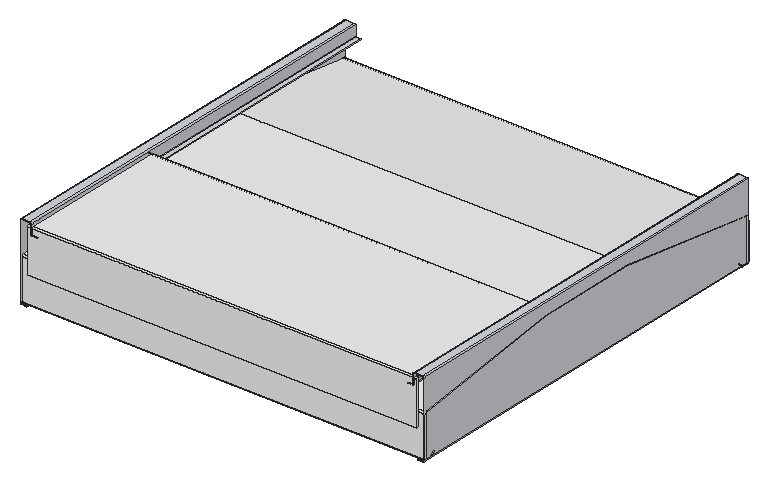
Revit family "OCRV-C108", category Lighting Fixtures, host Ceiling, Revit 2019
Family settings
  Host = Ceiling
  Round Connector Dimension = Use Diameter
  Part Type = Normal
  OmniClass Number = 23.80.70.11.14.17
  OmniClass Title = Direct/Indirect
  Always vertical = Yes
  Cut with Voids When Loaded = No
  Light Source = Yes
  Shared = No
  Room Calculation Point = No
Parameters (values of type "OCRV2X2-LED840K050LUNV-C108")
  Width = 1' - 11 191/256"
  Wattage = 42 W
  built-in parameter 1150110 = 1 (stored number, unit not read)
  Voltage = 120 V
  URL = "https://www.viscor.com/en/products/oncurve-concave"
  built-in parameter 1114217 = 0.9 (stored number, unit not read)
  Tilt Angle = 90.00°
  built-in parameter 1150109 = 1 (stored number, unit not read)
  built-in parameter 1150134 = 12
  built-in parameter 1150113 = 1 (stored number, unit not read)
  Photometric Web File = "OCRV2X2-LED840K050LUNV-C108.ies"
  Model = "OCRV-C108"  # constant formula
  Manufacturer = "VISIONEERING by VISCOR"  # constant formula
  Lumens = 4872 lm
  built-in parameter 1150115 = 1 (stored number, unit not read)
  built-in parameter 1150105 = 387.7 (stored number, unit not read)
  built-in parameter 1150137 = (empty or 0)
  built-in parameter 1150139 = (empty or 0)
  Lens Finish = Acrylic - Viscor - Opal White Square
  Lens Depth = 0' - 0 7/32"
  Length = 1' - 11 177/256"
  Lamp Wattage = 42 VA
  built-in parameter 1150112 = 1 (stored number, unit not read)
  built-in parameter 1150114 = 1 (stored number, unit not read)
  Lamp = "LED"  # constant formula
  built-in parameter 1150132 = (empty or 0)
  built-in parameter 1150102 = (empty or 0)
  built-in parameter 1150138 = (empty or 0)
  built-in parameter 1150107 = 4000 (stored number, unit not read)
  built-in parameter 1150106 = 3.877 (stored number, unit not read)
  Housing Finish = Metal - Viscor - White
  Emit from Rectangle Width = Width  # 1' - 11 191/256"
  Emit from Rectangle Length = Length  # 1' - 11 177/256"
  Emit from Rectangle Height = Lens Depth  # 0' - 0 7/32"
  Emit Shape Visible in Rendering = no
  built-in parameter 1150104 = 10.777 (stored number, unit not read)
  Dimming Lamp Color Temperature Shift = <None>
  Description = "Architectural Recessed Troffer with Concave lens and Center Spine"  # constant formula
  Color Filter = 16777215
  built-in parameter 1114218 = 1 (stored number, unit not read)
  built-in parameter 1150133 = 10 (stored number, unit not read)
  Assembly Code = "D5020200"
  Apparent Load = Lamp Wattage  # 42 VA
Types (5): name | Wattage | Photometric Web File | Lumens | built-in parameter 1150105 | Length | Lamp Wattage | built-in parameter 1150106 | Emit from Rectangle Length | built-in parameter 1150104 | Apparent Load
  (no name) | 42 W | "OCRV2X2-LED840K050LUNV-C108.ies" | 4872 lm | 387.7 (stored number, unit not read) | 1' - 11 177/256" | 42 VA | 3.877 (stored number, unit not read) | 1' - 11 177/256" | 10.777 (stored number, unit not read) | 42 VA
  OCRV2X4-LED840K070LUNV-C108 | 55 W | "OCRV2X4-LED840K070LUNV-C108-G004415.IES" | 6875 lm | 547.1 (stored number, unit not read) | 3' - 11 177/256" | 55 VA | 5.471 (stored number, unit not read) | 3' - 11 177/256" | 11.613 (stored number, unit not read) | 55 VA
  OCRV2X4-LED840K050LUNV-C108 | 38 W | "OCRV2X4-LED840K050LUNV-C108.ies" | 4788 lm | 381.02 (stored number, unit not read) | 3' - 11 177/256" | 38 VA | 3.8102 (stored number, unit not read) | 3' - 11 177/256" | 11.706 (stored number, unit not read) | 38 VA
  OCRV2X2-LED840K034LUNV-C108 | 28 W | "OCRV2X2-LED840K034LUNV-C108.ies" | 3248 lm | 258.47 (stored number, unit not read) | 1' - 11 177/256" | 28 VA | 2.5847 (stored number, unit not read) | 1' - 11 177/256" | 10.777 (stored number, unit not read) | 28 VA
  OCRV2X2-LED840K050LUNV-C108 | 42 W | "OCRV2X2-LED840K050LUNV-C108.ies" | 4872 lm | 387.7 (stored number, unit not read) | 1' - 11 177/256" | 42 VA | 3.877 (stored number, unit not read) | 1' - 11 177/256" | 10.777 (stored number, unit not read) | 42 VA
Reference planes (in)
  plane 1 "Light Source Axis (F/B)": y = 0
  plane 2 "Ceiling": z = 96
  plane 3 "Light Source Axis (L/R)": x = 0
  plane 4 "Light Source Elevation": z = 95.78125
  plane 5: y = 11.87305
  plane 6: y = -11.87305
  plane 7: x = -11.8457
  plane 8: x = 11.8457
  plane 9 "Lens Depth": z = 95.78125
  plane 10: x = -11.4082
  plane 11: x = 11.4082
Forms (in)
  Extrusion 1, void
    sketch origin (0, 0, 96) x (1, 0, 0) y (0, 1, 0)
      loop
        line (-11.4082, 11.87305) -> (-11.4082, -11.87305) -> (11.8457, -11.87305) -> (11.8457, 11.87305) -> (-11.4082, 11.87305)
    from -0.38624 to 4.69188
  Extrusion 2, solid, material "Metal - Viscor - White" <- "Housing Finish"
    sketch origin (0, 0, 0) x (0, 1, 0) y (0, 0, 1)
      loop
        arc (11.813, 98.50917) -> (11.79782, 98.54982) -> (11.75971, 98.57056) r 0.062
        line (11.75971, 98.57056) -> (3, 99.813) -> (-3, 99.813) -> (-11.75971, 98.57056)
        arc (-11.75971, 98.57056) -> (-11.79782, 98.54982) -> (-11.813, 98.50917) r 0.062
        line (-11.813, 98.50917) -> (-11.813, 96.092)
        arc (-11.813, 96.092) -> (-11.79484, 96.04816) -> (-11.751, 96.03) r 0.062
        line (-11.751, 96.03) -> (-11.46242, 96.03)
        arc (-11.46242, 96.03) -> (-11.4397, 96.03431) -> (-11.42014, 96.04666) r 0.062
        line (-11.42014, 96.04666) -> (-11.17983, 96.27074) -> (-11.20194, 96.29285) -> (-11.45031, 96.06125) -> (-11.751, 96.06125)
        arc (-11.751, 96.06125) -> (-11.77274, 96.07026) -> (-11.78175, 96.092) r 0.03075
        line (-11.78175, 96.092) -> (-11.78175, 98.50917)
        arc (-11.78175, 98.50917) -> (-11.77422, 98.52933) -> (-11.75532, 98.53962) r 0.03075
        line (-11.75532, 98.53962) -> (-2.99779, 99.78175) -> (2.99779, 99.78175) -> (11.75532, 98.53962)
        arc (11.75532, 98.53962) -> (11.77422, 98.52933) -> (11.78175, 98.50917) r 0.03075
        line (11.78175, 98.50917) -> (11.78175, 96.092)
        arc (11.78175, 96.092) -> (11.77274, 96.07026) -> (11.751, 96.06125) r 0.03075
        line (11.751, 96.06125) -> (11.45031, 96.06125) -> (11.20274, 96.29211) -> (11.18063, 96.27) -> (11.42014, 96.04666)
        arc (11.42014, 96.04666) -> (11.4397, 96.03431) -> (11.46242, 96.03) r 0.062
        line (11.46242, 96.03) -> (11.751, 96.03)
        arc (11.751, 96.03) -> (11.79484, 96.04816) -> (11.813, 96.092) r 0.062
        line (11.813, 96.092) -> (11.813, 98.50917)
    from -11.8457 to 11.8457
  Extrusion 3, solid, material "Metal - Viscor - White" <- "Housing Finish"
    sketch origin (0, 0, 0) x (0, 1, 0) y (0, 0, 1)
      loop
        line (-11.843, 97.661) -> (-11.81175, 97.661) -> (-11.81175, 100.199)
        arc (-11.81175, 100.199) -> (-11.80274, 100.22074) -> (-11.781, 100.22975) r 0.03075
        line (-11.781, 100.22975) -> (-3.105, 100.22975)
        arc (-3.105, 100.22975) -> (-3.08326, 100.22074) -> (-3.07425, 100.199) r 0.03075
        line (-3.07425, 100.199) -> (-3.07425, 99.831)
        arc (-3.07425, 99.831) -> (-3.05367, 99.78133) -> (-3.004, 99.76075) r 0.07025
        line (-3.004, 99.76075) -> (-2.691, 99.76075) -> (-2.691, 99.792) -> (-3.004, 99.792)
        arc (-3.004, 99.792) -> (-3.03158, 99.80342) -> (-3.043, 99.831) r 0.039
        line (-3.043, 99.831) -> (-3.043, 100.199)
        arc (-3.043, 100.199) -> (-3.06116, 100.24284) -> (-3.105, 100.261) r 0.062
        line (-3.105, 100.261) -> (-11.781, 100.261)
        arc (-11.781, 100.261) -> (-11.82484, 100.24284) -> (-11.843, 100.199) r 0.062
        line (-11.843, 100.199) -> (-11.843, 97.661)
    from -11.4082 to 11.4082
  Extrusion 4, solid
    sketch origin (0, 0, 0) x (0, 1, 0) y (0, 0, 1)
      loop
        line (10.82628, 96.33412) -> (11.42914, 96.20888) -> (11.49164, 96.19553) -> (11.4998, 96.23373) -> (11.4372, 96.24711) -> (10.83395, 96.37242) -> (9.91483, 96.54981) -> (8.99274, 96.71147) -> (8.06734, 96.85744) -> (7.13957, 96.98755) -> (6.20916, 97.10183) -> (5.27692, 97.20016) -> (4.34274, 97.28256) -> (3.40727, 97.34894) -> (2.47081, 97.39928) -> (1.53362, 97.43358) -> (0.59586, 97.45182) -> (-0.34207, 97.454) -> (-1.27987, 97.4401) -> (-2.2173, 97.41015) -> (-3.15391, 97.36415) -> (-4.08959, 97.30211) -> (-5.02375, 97.22409) -> (-5.95644, 97.13008) -> (-6.88693, 97.02018) -> (-7.8154, 96.89437) -> (-8.74098, 96.75279) -> (-9.66399, 96.5954) -> (-10.55209, 96.42856) -> (-11.43715, 96.24712) -> (-11.4998, 96.23373) -> (-11.49164, 96.19553) -> (-11.42914, 96.20888) -> (-10.54456, 96.39023) -> (-9.6571, 96.55694) -> (-8.73474, 96.71422) -> (-7.80982, 96.85571) -> (-6.88202, 96.98143) -> (-5.9522, 97.09125) -> (-5.02017, 97.18519) -> (-4.08667, 97.26316) -> (-3.15166, 97.32515) -> (-2.21572, 97.37111) -> (-1.27896, 97.40105) -> (-0.34182, 97.41493) -> (0.59544, 97.41276) -> (1.53253, 97.39453) -> (2.46905, 97.36026) -> (3.40484, 97.30995) -> (4.33964, 97.24362) -> (5.27316, 97.16128) -> (6.20473, 97.06302) -> (7.13447, 96.94882) -> (8.06158, 96.8188) -> (8.98633, 96.67293) -> (9.90775, 96.51139) -> (10.82628, 96.33412)
    from -11.4082 to 11.4082
  Extrusion 5, solid
    sketch origin (0, 0, 0) x (1, 0, 0) y (0, 0, 1)
      loop
        line (10.8545, 99.83) -> (10.8545, 99.79875) -> (11.1505, 99.79875)
        arc (11.1505, 99.79875) -> (11.20017, 99.81933) -> (11.22152, 99.869) r 0.07025
        line (11.22152, 99.869) -> (11.22152, 100.43089)
        arc (11.22152, 100.43089) -> (11.23272, 100.45793) -> (11.25976, 100.46913) r 0.03824
        line (11.25976, 100.46913) -> (11.7705, 100.46875)
        arc (11.7705, 100.46875) -> (11.79719, 100.45769) -> (11.80825, 100.431) r 0.03775
        line (11.80825, 100.431) -> (11.80825, 96.069)
        arc (11.80825, 96.069) -> (11.79719, 96.04231) -> (11.7705, 96.03125) r 0.03775
        line (11.7705, 96.03125) -> (11.45031, 96.03125) -> (11.45031, 96) -> (11.7705, 96)
        arc (11.7705, 96) -> (11.81929, 96.02021) -> (11.8395, 96.069) r 0.069
        line (11.8395, 96.069) -> (11.8395, 100.431)
        arc (11.8395, 100.431) -> (11.81929, 100.47979) -> (11.7705, 100.50038) r 0.069
        line (11.7705, 100.50038) -> (11.25976, 100.50038)
        arc (11.25976, 100.50038) -> (11.21062, 100.48003) -> (11.19027, 100.43089) r 0.06949
        line (11.19027, 100.43089) -> (11.1895, 99.869)
        arc (11.1895, 99.869) -> (11.17808, 99.84142) -> (11.1505, 99.83) r 0.039
        line (11.1505, 99.83) -> (10.8545, 99.83)
    from -11.87305 to 11.87305
  Extrusion 6, solid
    sketch origin (0, 0, 0) x (-1, 0, 0) y (0, 0, -1)
      loop
        line (10.8545, -99.83) -> (11.1505, -99.83)
        arc (11.1505, -99.83) -> (11.17808, -99.84142) -> (11.1895, -99.869) r 0.039
        line (11.1895, -99.869) -> (11.19027, -100.43089)
        arc (11.19027, -100.43089) -> (11.21062, -100.48003) -> (11.25976, -100.50038) r 0.06949
        line (11.25976, -100.50038) -> (11.7705, -100.50038)
        arc (11.7705, -100.50038) -> (11.81929, -100.47979) -> (11.8395, -100.431) r 0.069
        line (11.8395, -100.431) -> (11.8395, -96.069)
        arc (11.8395, -96.069) -> (11.81929, -96.02021) -> (11.7705, -96) r 0.069
        line (11.7705, -96) -> (11.45031, -96) -> (11.45031, -96.03125) -> (11.7705, -96.03125)
        arc (11.7705, -96.03125) -> (11.79719, -96.04231) -> (11.80825, -96.069) r 0.03775
        line (11.80825, -96.069) -> (11.80825, -100.431)
        arc (11.80825, -100.431) -> (11.79719, -100.45769) -> (11.7705, -100.46875) r 0.03775
        line (11.7705, -100.46875) -> (11.25976, -100.46913)
        arc (11.25976, -100.46913) -> (11.23272, -100.45793) -> (11.22152, -100.43089) r 0.03824
        line (11.22152, -100.43089) -> (11.22152, -99.869)
        arc (11.22152, -99.869) -> (11.20017, -99.81933) -> (11.1505, -99.79875) r 0.07025
        line (11.1505, -99.79875) -> (10.8545, -99.79875) -> (10.8545, -99.83)
    from -11.87305 to 11.87305
  Extrusion 7, solid, material "Metal - Viscor - White" <- "Housing Finish"
    sketch origin (0, 0, 0) x (0, 1, 0) y (0, 0, 1)
      loop
        line (-0.375, 97.39473) -> (-0.40426, 97.38375) -> (-0.08777, 96.54085)
        arc (-0.08777, 96.54085) -> (0, 96.48005) -> (0.08777, 96.54085) r 0.09375
        line (0.08777, 96.54085) -> (0.40426, 97.38375) -> (0.375, 97.39473) -> (0.05851, 96.55183)
        arc (0.05851, 96.55183) -> (0, 96.5113) -> (-0.05851, 96.55183) r 0.0625
        line (-0.05851, 96.55183) -> (-0.375, 97.39473)
    from -11.4082 to 11.4082
Dimensions and locks (in)
  equal spacing: host sketch curve, plane 3 "Light Source Axis (L/R)", host sketch curve
  equal spacing: host sketch curve, plane 1 "Light Source Axis (F/B)", host sketch curve
  host sketch curve to host sketch curve = 10' - 0"  (x2)
  equal spacing: plane 7, plane 3 "Light Source Axis (L/R)", plane 8
  "Length": plane 7 to plane 8
  equal spacing: plane 5, plane 1 "Light Source Axis (F/B)", plane 6
  "Width": plane 5 to plane 6
  "Emit from Rectangle Height": plane 4 "Light Source Elevation" to plane 2 "Ceiling"
  "Lens Depth": plane 2 "Ceiling" to plane 9 "Lens Depth"
  locked: plane 7 to plane 10 at 0.4375
  locked: plane 11 to plane 8 at 0.4375
  aligned and locked: plane 3 "Light Source Axis (L/R)" to imposter light
  aligned and locked: plane 1 "Light Source Axis (F/B)" to imposter light
  aligned and locked: plane 4 "Light Source Elevation" to imposter light
  aligned and locked: Extrusion 3 to plane 10
  aligned and locked: plane 5 to Extrusion 5
  aligned and locked: Extrusion 5 to plane 6
  aligned and locked: plane 5 to Extrusion 6
  aligned and locked: Extrusion 6 to plane 6
  aligned and locked: Extrusion 4 to plane 10
  aligned and locked: plane 11 to Extrusion 4
  aligned and locked: Extrusion 2 to plane 7
  aligned and locked: plane 8 to Extrusion 2
  aligned and locked: plane 11 to Extrusion 3
  aligned and locked: Extrusion 7 to plane 10
  aligned and locked: plane 11 to Extrusion 7
Automatic sketch dimensions
  Extrusion 1 sketch curve to plane 6 = 0' - 0"
  Extrusion 1 sketch curve to plane 10 = 0' - 0"
  Extrusion 1 sketch curve to plane 8 = 0' - 0"
  Extrusion 1 sketch curve to plane 5 = 0' - 0"
  Extrusion 2 sketch curve to Extrusion 2 sketch curve = 0' - 0"  (x8)
  plane 6 to Extrusion 2 sketch curve = 0' - 0.06005"
  Extrusion 2 sketch curve to Extrusion 2 sketch curve = 0' - 0 1/32"  (x3)
  Extrusion 2 sketch curve to Extrusion 2 sketch curve = 0' - 0.02204"
  Extrusion 2 sketch curve to Extrusion 2 sketch curve = 0' - 0.00439"  (x2)
  Extrusion 2 sketch curve to Extrusion 2 sketch curve = 0' - 0.00432"  (x2)
  plane 2 "Ceiling" to Extrusion 2 sketch curve = 0' - 0.03"
  Extrusion 2 sketch curve to Extrusion 2 sketch curve = 0' - 0.03075"  (x2)
  plane 2 "Ceiling" to Extrusion 2 sketch curve = 0' - 0.092"
  Extrusion 2 sketch curve to Extrusion 2 sketch curve = 0' - 0.28858"
  Extrusion 2 sketch curve to Extrusion 2 sketch curve = 0' - 0.01211"  (x2)
  plane 2 "Ceiling" to Extrusion 2 sketch curve = 0' - 0.04666"  (x2)
  plane 2 "Ceiling" to Extrusion 2 sketch curve = 0' - 0.29285"
  Extrusion 2 sketch curve to Extrusion 2 sketch curve = 0' - 0.26048"
  plane 2 "Ceiling" to Extrusion 2 sketch curve = 0' - 0.27074"
  Extrusion 2 sketch curve to Extrusion 2 sketch curve = 0' - 0.02211"  (x2)
  plane 1 "Light Source Axis (F/B)" to Extrusion 2 sketch curve = 0' - 3"
  Extrusion 2 sketch curve to Extrusion 2 sketch curve = 0' - 0.00221"  (x2)
  Extrusion 2 sketch curve to plane 1 "Light Source Axis (F/B)" = 0' - 2.99779"
  plane 2 "Ceiling" to Extrusion 2 sketch curve = 0' - 0.27"
  Extrusion 2 sketch curve to plane 5 = 0' - 0.69242"
  plane 2 "Ceiling" to Extrusion 2 sketch curve = 0' - 0.29211"
  Extrusion 2 sketch curve to Extrusion 2 sketch curve = 0' - 0.23951"
  plane 2 "Ceiling" to Extrusion 2 sketch curve = 0' - 0.06125"
  Extrusion 2 sketch curve to Extrusion 2 sketch curve = 0' - 0.03017"
  Extrusion 2 sketch curve to plane 5 = 0' - 0.12205"  (x2)
  Extrusion 2 sketch curve to Extrusion 2 sketch curve = 0' - 2.21632"
  Extrusion 2 sketch curve to Extrusion 2 sketch curve = 0' - 2.21706"
  plane 2 "Ceiling" to Extrusion 2 sketch curve = 0' - 3.78175"
  Extrusion 3 sketch curve to Extrusion 3 sketch curve = 0' - 0"  (x6)
  plane 6 to Extrusion 3 sketch curve = 0' - 0.03005"
  Extrusion 3 sketch curve to Extrusion 3 sketch curve = 0' - 0 1/32"
  Extrusion 3 sketch curve to Extrusion 3 sketch curve = 0' - 0.03075"  (x2)
  plane 1 "Light Source Axis (F/B)" to Extrusion 3 sketch curve = 0' - 3.105"
  Extrusion 3 sketch curve to Extrusion 3 sketch curve = 0' - 0.039"
  Extrusion 3 sketch curve to Extrusion 3 sketch curve = 0' - 0.313"
  plane 2 "Ceiling" to Extrusion 3 sketch curve = 0' - 1.661"
  plane 2 "Ceiling" to Extrusion 3 sketch curve = 0' - 3.76075"
  Extrusion 3 sketch curve to Extrusion 3 sketch curve = 0' - 0.368"
  plane 6 to Extrusion 4 sketch curve = 0' - 0.37324"
  plane 2 "Ceiling" to Extrusion 4 sketch curve = 0' - 0.19553"  (x2)
  Extrusion 4 sketch curve to Extrusion 4 sketch curve = 0' - 0.00816"
  Extrusion 4 sketch curve to Extrusion 4 sketch curve = 0' - 0.06266"
  Extrusion 4 sketch curve to Extrusion 4 sketch curve = 0' - 0.008"
  plane 2 "Ceiling" to Extrusion 4 sketch curve = 0' - 0.42856"
  Extrusion 4 sketch curve to Extrusion 4 sketch curve = 0' - 0.88506"
  plane 2 "Ceiling" to Extrusion 4 sketch curve = 0' - 0.39023"
  Extrusion 4 sketch curve to Extrusion 4 sketch curve = 0' - 0.00753"
  plane 2 "Ceiling" to Extrusion 4 sketch curve = 0' - 0.5954"
  Extrusion 4 sketch curve to Extrusion 4 sketch curve = 0' - 0.8881"
  plane 2 "Ceiling" to Extrusion 4 sketch curve = 0' - 0.55694"
  Extrusion 4 sketch curve to Extrusion 4 sketch curve = 0' - 0.00689"
  plane 2 "Ceiling" to Extrusion 4 sketch curve = 0' - 0.75279"
  Extrusion 4 sketch curve to Extrusion 4 sketch curve = 0' - 0.92302"
  plane 2 "Ceiling" to Extrusion 4 sketch curve = 0' - 0.71422"
  Extrusion 4 sketch curve to Extrusion 4 sketch curve = 0' - 0.00624"
  plane 2 "Ceiling" to Extrusion 4 sketch curve = 0' - 0.89437"
  Extrusion 4 sketch curve to Extrusion 4 sketch curve = 0' - 0.92558"
  plane 2 "Ceiling" to Extrusion 4 sketch curve = 0' - 0.85571"
  Extrusion 4 sketch curve to Extrusion 4 sketch curve = 0' - 0.00558"
  plane 2 "Ceiling" to Extrusion 4 sketch curve = 0' - 1.02018"
  Extrusion 4 sketch curve to Extrusion 4 sketch curve = 0' - 0.92847"
  plane 2 "Ceiling" to Extrusion 4 sketch curve = 0' - 0.98143"
  Extrusion 4 sketch curve to Extrusion 4 sketch curve = 0' - 0.00491"
  plane 2 "Ceiling" to Extrusion 4 sketch curve = 0' - 1.13008"
  Extrusion 4 sketch curve to Extrusion 4 sketch curve = 0' - 0.93049"
  plane 2 "Ceiling" to Extrusion 4 sketch curve = 0' - 1.09125"
  Extrusion 4 sketch curve to Extrusion 4 sketch curve = 0' - 0.00425"
  plane 2 "Ceiling" to Extrusion 4 sketch curve = 0' - 1.22409"
  Extrusion 4 sketch curve to Extrusion 4 sketch curve = 0' - 0.93269"
  plane 2 "Ceiling" to Extrusion 4 sketch curve = 0' - 1.18519"
  Extrusion 4 sketch curve to Extrusion 4 sketch curve = 0' - 0.00358"
  plane 2 "Ceiling" to Extrusion 4 sketch curve = 0' - 1.30211"
  Extrusion 4 sketch curve to Extrusion 4 sketch curve = 0' - 0.93416"
  plane 2 "Ceiling" to Extrusion 4 sketch curve = 0' - 1.26316"
  Extrusion 4 sketch curve to Extrusion 4 sketch curve = 0' - 0.00292"
  plane 2 "Ceiling" to Extrusion 4 sketch curve = 0' - 1.36415"
  Extrusion 4 sketch curve to Extrusion 4 sketch curve = 0' - 0.93568"
  plane 2 "Ceiling" to Extrusion 4 sketch curve = 0' - 1.32515"
  Extrusion 4 sketch curve to Extrusion 4 sketch curve = 0' - 0.00225"
  Extrusion 4 sketch curve to Extrusion 4 sketch curve = 0' - 0.93661"
  Extrusion 4 sketch curve to Extrusion 4 sketch curve = 0' - 0.00158"
  Extrusion 4 sketch curve to Extrusion 4 sketch curve = 0' - 0.93743"
  Extrusion 4 sketch curve to Extrusion 4 sketch curve = 0' - 0.00091"
  plane 1 "Light Source Axis (F/B)" to Extrusion 4 sketch curve = 0' - 0.34207"
  Extrusion 4 sketch curve to Extrusion 4 sketch curve = 0' - 0.00024"
  Extrusion 4 sketch curve to plane 1 "Light Source Axis (F/B)" = 0' - 0.59544"
  Extrusion 4 sketch curve to Extrusion 4 sketch curve = 0' - 0.00043"
  Extrusion 4 sketch curve to Extrusion 4 sketch curve = 0' - 0.93709"
  Extrusion 4 sketch curve to Extrusion 4 sketch curve = 0' - 0.00109"
  Extrusion 4 sketch curve to Extrusion 4 sketch curve = 0' - 0.93652"
  Extrusion 4 sketch curve to Extrusion 4 sketch curve = 0' - 0.00176"
  plane 2 "Ceiling" to Extrusion 4 sketch curve = 0' - 1.30995"
  Extrusion 4 sketch curve to Extrusion 4 sketch curve = 0' - 0.93579"
  plane 2 "Ceiling" to Extrusion 4 sketch curve = 0' - 1.34894"
  Extrusion 4 sketch curve to Extrusion 4 sketch curve = 0' - 0.00243"
  plane 2 "Ceiling" to Extrusion 4 sketch curve = 0' - 1.24362"
  Extrusion 4 sketch curve to Extrusion 4 sketch curve = 0' - 0.9348"
  plane 2 "Ceiling" to Extrusion 4 sketch curve = 0' - 1.28256"
  Extrusion 4 sketch curve to Extrusion 4 sketch curve = 0' - 0.0031"
  plane 2 "Ceiling" to Extrusion 4 sketch curve = 0' - 1.16128"
  Extrusion 4 sketch curve to Extrusion 4 sketch curve = 0' - 0.93352"
  plane 2 "Ceiling" to Extrusion 4 sketch curve = 0' - 1.20016"
  Extrusion 4 sketch curve to Extrusion 4 sketch curve = 0' - 0.00377"
  plane 2 "Ceiling" to Extrusion 4 sketch curve = 0' - 1.06302"
  Extrusion 4 sketch curve to Extrusion 4 sketch curve = 0' - 0.93157"
  plane 2 "Ceiling" to Extrusion 4 sketch curve = 0' - 1.10183"
  Extrusion 4 sketch curve to Extrusion 4 sketch curve = 0' - 0.00443"
  plane 2 "Ceiling" to Extrusion 4 sketch curve = 0' - 0.94882"
  Extrusion 4 sketch curve to Extrusion 4 sketch curve = 0' - 0.92975"
  plane 2 "Ceiling" to Extrusion 4 sketch curve = 0' - 0.98755"
  Extrusion 4 sketch curve to Extrusion 4 sketch curve = 0' - 0.00509"
  plane 2 "Ceiling" to Extrusion 4 sketch curve = 0' - 0.8188"
  Extrusion 4 sketch curve to Extrusion 4 sketch curve = 0' - 0.92711"
  plane 2 "Ceiling" to Extrusion 4 sketch curve = 0' - 0.85744"
  Extrusion 4 sketch curve to Extrusion 4 sketch curve = 0' - 0.00576"
  plane 2 "Ceiling" to Extrusion 4 sketch curve = 0' - 0.67293"
  Extrusion 4 sketch curve to Extrusion 4 sketch curve = 0' - 0.92475"
  plane 2 "Ceiling" to Extrusion 4 sketch curve = 0' - 0.71147"
  Extrusion 4 sketch curve to Extrusion 4 sketch curve = 0' - 0.00642"
  plane 2 "Ceiling" to Extrusion 4 sketch curve = 0' - 0.51139"
  Extrusion 4 sketch curve to Extrusion 4 sketch curve = 0' - 0.92142"
  plane 2 "Ceiling" to Extrusion 4 sketch curve = 0' - 0.54981"
  Extrusion 4 sketch curve to Extrusion 4 sketch curve = 0' - 0.00707"
  plane 2 "Ceiling" to Extrusion 4 sketch curve = 0' - 0.33412"
  Extrusion 4 sketch curve to Extrusion 4 sketch curve = 0' - 0.91853"
  plane 2 "Ceiling" to Extrusion 4 sketch curve = 0' - 0.37242"
  Extrusion 4 sketch curve to Extrusion 4 sketch curve = 0' - 0.00767"
  plane 2 "Ceiling" to Extrusion 4 sketch curve = 0' - 0.20888"
  Extrusion 4 sketch curve to plane 5 = 0' - 0.4439"
  Extrusion 4 sketch curve to Extrusion 4 sketch curve = 0' - 0.00805"
  Extrusion 4 sketch curve to Extrusion 4 sketch curve = 0' - 0 1/16"
  plane 2 "Ceiling" to Extrusion 4 sketch curve = 0' - 0.23373"
  Extrusion 4 sketch curve to Extrusion 4 sketch curve = 0' - 0.01335"
  Extrusion 4 sketch curve to Extrusion 4 sketch curve = 0' - 0.05031"
  Extrusion 4 sketch curve to Extrusion 4 sketch curve = 0' - 0.04597"
  Extrusion 4 sketch curve to Extrusion 4 sketch curve = 0' - 0.03427"
  Extrusion 4 sketch curve to Extrusion 4 sketch curve = 0' - 0.03902"
  Extrusion 4 sketch curve to Extrusion 4 sketch curve = 0' - 0.02993"
  Extrusion 4 sketch curve to Extrusion 4 sketch curve = 0' - 0.03903"
  Extrusion 4 sketch curve to Extrusion 4 sketch curve = 0' - 0.01823"
  Extrusion 4 sketch curve to Extrusion 4 sketch curve = 0' - 0.01388"
  Extrusion 4 sketch curve to Extrusion 4 sketch curve = 0' - 0 5/128"  (x4)
  Extrusion 5 sketch curve to Extrusion 5 sketch curve = 0' - 0"  (x16)
  Extrusion 5 sketch curve to plane 2 "Ceiling" = 0' - 0"
  Extrusion 5 sketch curve to plane 11 = 0' - 0.5537"
  Extrusion 5 sketch curve to plane 11 = 0' - 0.2577"
  Extrusion 5 sketch curve to plane 11 = 0' - 0.21793"
  Extrusion 5 sketch curve to Extrusion 5 sketch curve = 0' - 0 1/32"  (x2)
  Extrusion 5 sketch curve to Extrusion 5 sketch curve = 0' - 0.03824"
  plane 11 to Extrusion 5 sketch curve = 0' - 0.04211"
  Extrusion 5 sketch curve to plane 8 = 0' - 0.0752"  (x2)
  Extrusion 5 sketch curve to plane 8 = 0' - 0.03745"
  Extrusion 5 sketch curve to plane 8 = 0' - 0.0062"
  plane 2 "Ceiling" to Extrusion 5 sketch curve = 0' - 3.79875"
  Extrusion 5 sketch curve to Extrusion 5 sketch curve = 0' - 0.039"
  Extrusion 5 sketch curve to Extrusion 5 sketch curve = 0' - 0.56189"
  Extrusion 5 sketch curve to Extrusion 5 sketch curve = 0' - 0.03813"
  Extrusion 6 sketch curve to Extrusion 6 sketch curve = 0' - 0"  (x16)
  Extrusion 6 sketch curve to plane 2 "Ceiling" = 0' - 0"
  Extrusion 6 sketch curve to plane 10 = 0' - 0.5537"
  Extrusion 6 sketch curve to plane 10 = 0' - 0.2577"
  Extrusion 6 sketch curve to plane 10 = 0' - 0.21793"
  Extrusion 6 sketch curve to Extrusion 6 sketch curve = 0' - 0 1/32"  (x2)
  Extrusion 6 sketch curve to Extrusion 6 sketch curve = 0' - 0.03824"
  plane 10 to Extrusion 6 sketch curve = 0' - 0.04211"
  Extrusion 6 sketch curve to plane 7 = 0' - 0.0752"  (x2)
  Extrusion 6 sketch curve to plane 7 = 0' - 0.03745"
  Extrusion 6 sketch curve to plane 7 = 0' - 0.0062"
  Extrusion 6 sketch curve to plane 2 "Ceiling" = 0' - 3.79875"
  Extrusion 6 sketch curve to Extrusion 6 sketch curve = 0' - 0.039"
  Extrusion 6 sketch curve to Extrusion 6 sketch curve = 0' - 0.56189"
  Extrusion 6 sketch curve to Extrusion 6 sketch curve = 0' - 0.03813"
  Extrusion 7 sketch curve to Extrusion 7 sketch curve = 0' - 0"  (x2)
  Extrusion 7 sketch curve to plane 1 "Light Source Axis (F/B)" = 0' - 0"
  plane 1 "Light Source Axis (F/B)" to Extrusion 7 sketch curve = 0' - 0.05851"
  Extrusion 7 sketch curve to Extrusion 7 sketch curve = 0' - 0.02926"  (x3)
  plane 1 "Light Source Axis (F/B)" to Extrusion 7 sketch curve = 0' - 0 3/8"
  Extrusion 7 sketch curve to plane 1 "Light Source Axis (F/B)" = 0' - 0.05851"
  plane 2 "Ceiling" to Extrusion 7 sketch curve = 0' - 0.54085"
  Extrusion 7 sketch curve to Extrusion 7 sketch curve = 0' - 0.01098"  (x3)
  Extrusion 7 sketch curve to Extrusion 7 sketch curve = 0' - 0.02197"
Connectors (in)
  electrical at (0, 0, 96), driven by "Voltage", driven by "Apparent Load"
    settings: index 1, voltage 120 V, apparent load 0 VA, apparent load phase1 42 VA, apparent load phase2 0 VA, apparent load phase3 0 VA, power factor 1, load classification "Other", number of poles 1, system type 31, power factor state 1, is connector primary yes, connector utility no, sub classification motor no, connector description ""
